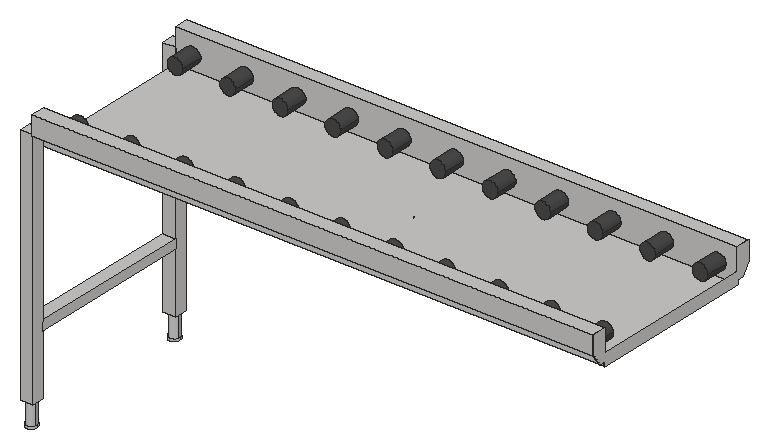
Revit family "QF_ELECTROLUXPROFESSIONAL_863005_HSSRC18", category Specialty Equipment, Revit 2018
Family settings
  Round Connector Dimension = Use Diameter
  Part Type = Normal
  Work Plane-Based = No
  Always vertical = Yes
  Cut with Voids When Loaded = No
  Shared = No
  Room Calculation Point = No
Parameters
  Weight = 0.00 kg
  Watts = 0 W
  Volts = 0 V
  URL Manufacturer = "http://professional.electrolux.com/"
  URL = "http://professional.electrolux.com/"
  Steam Supply Size = 0 mm
  Steam Supply Minimum Pressure = 0.0 Pa
  Steam Supply Maximum Pressure = 0.0 Pa
  Steam Pounds per Hour = 0
  Refrigeration Suction Line Size = 0 mm
  Refrigeration Liquid Line Size = 0 mm
  Refrigerant Compressor Remote = yes
  Manufacturer = "Electrolux"
  Phase = 0
  Model = "HSSRC18"
  Length Actual = 1800 mm  # constant formula
  Item Number = "863005"
  Hot Water Size = 0 mm
  Height Actual = 910 mm  # constant formula
  HP = "0 HP"
  Gas Size = 0 mm
  Gas KW = 0
  Gas Input Pressure = 0 W
  Description = "CONVEYOR, SHORT ROLLERS, L=1800 MM"
  Depth Actual = 620 mm  # constant formula
  Cycle = 0 Hz
  Condensate Return Size = 0 mm
  Compressed Air Volume = 0.0 L/s
  Compressed Air Size = 0 mm
  Compressed Air Pressure = 0.0 Pa
  Cold Water Size = 0 mm
  Accessory = yes
Reference planes
  plane 1 "Centro (Fronte/Retro)": y = 74.737
  plane 2: z = 0
  plane 3 "LEFT": x = -1038.761
  plane 4 "BACK": y = 384.737
  plane 5 "FRONT": y = -235.263
  plane 6: z = 910
  plane 7 "RIGHT": x = 761.239
  plane 8: x = -108.761
Forms (mm)
  Extrusion 1, solid, material "QF_Finishes_Stainless Steel"
    sketch origin (0, 74.737, 0) x (1, 0, 0) y (0, 0, 1)
      loop
        line (-1079.929, 300) -> (-1079.929, 270) -> (-1039.929, 270) -> (-1039.929, 300) -> (-1079.929, 300)
    from -266.504 to 266.46
  Extrusion 2, solid, material "QF_Finishes_Stainless Steel"
    sketch origin (11.239, 0, 0) x (0, 1, 0) y (0, 0, 1)
      loop
        line (-235.263, 910) -> (-235.263, 850.033) -> (-190.242, 850.033) -> (-190.242, 910) -> (-235.263, 910)
      loop
        line (384.737, 910) -> (339.716, 910) -> (339.716, 850.033) -> (384.737, 850.033) -> (384.737, 910)
    from -1050 to 748.8
  Extrusion 3, solid, material "QF_Finishes_Stainless Steel"
    sketch origin (11.239, 0, 0) x (0, 1, 0) y (0, 0, 1)
      loop
        line (-191.727, 850.033) -> (-191.727, 800.081) -> (341.245, 800.081) -> (341.245, 850.033) -> (339.716, 850.033) -> (339.716, 803.081) -> (-190.242, 803.081) -> (-190.242, 850.033) -> (-191.727, 850.033)
    from -1050 to 748.8
  Extrusion 4, solid, material "QF_Finishes_Stainless Steel"
    sketch origin (2261.239, 723.253, 4000) x (0, 1, 0) y (0, 0, 1)
      loop
        line (-958.516, -3090) -> (-958.516, -3149.967) -> (-934.752, -3185.632) -> (-915.4, -3185.632) -> (-915.4, -3199.919) -> (-381.633, -3199.919) -> (-381.633, -3185.632) -> (-362.281, -3185.632) -> (-338.516, -3149.967) -> (-338.516, -3090) -> (-383.538, -3090) -> (-383.538, -3161.926) -> (-913.495, -3161.926) -> (-913.495, -3090) -> (-958.516, -3090)
    from -1500 to -1501.2
  Revolve 5, solid, material "QF_Finishes_Stainless Steel"
    sketch origin (-141.073, 0, 0) x (0, 1, 0) y (0, 0, 1)
      loop
        line (74.737, 800.081) -> (12.53, 800.081) -> (12.319, 797.4) -> (12.319, 785.476) -> (17.293, 785.476) -> (17.293, 781.772)
        arc (17.293, 781.772) -> (20.266, 773.808) -> (27.77, 769.813) r 11.998
        line (27.77, 769.813) -> (74.737, 764.085) -> (74.737, 800.081)
      axis (74.737, 764.085) -> (74.737, 800.081)
    angle from 0 to 360
  Revolve 6, solid, material "QF_Finishes_Stainless Steel"
    sketch origin (-111.073, -1524, 744.096) x (0, 0, 1) y (0, -1, 0)
      loop
        line (13.017, -1619.713) -> (30, -1619.713) -> (30, -1598.737) -> (0, -1598.737) -> (0, -1619.713) -> (2.434, -1622.253) -> (10.477, -1622.253) -> (13.017, -1619.713)
      axis (0, -1598.737) -> (30, -1598.737)
    angle from 0 to 360
  Extrusion 7, solid, material "QF_Finishes_Black"
    sketch origin (0, 74.737, 0) x (1, 0, 0) y (0, 0, 1)
      loop
        circle (-980.637, 850.115) r 25
      loop
        circle (-812.25, 850.115) r 25
      loop
        circle (-643.862, 850.115) r 25
      loop
        circle (-475.474, 850.115) r 25
      loop
        circle (-307.087, 850.115) r 25
      loop
        circle (-138.699, 850.115) r 25
      loop
        circle (29.689, 850.115) r 25
      loop
        circle (366.464, 850.115) r 25
      loop
        circle (198.076, 850.115) r 25
      loop
        circle (703.239, 850.115) r 25
      loop
        circle (534.851, 850.115) r 25
    from 190.58 to 260.534
  Extrusion 8, solid, material "QF_Finishes_Black"
    sketch origin (0, 74.737, 0) x (1, 0, 0) y (0, 0, -1)
      loop
        circle (-980.637, -850.115) r 25
      loop
        circle (-812.25, -850.115) r 25
      loop
        circle (-643.862, -850.115) r 25
      loop
        circle (-475.474, -850.115) r 25
      loop
        circle (-307.087, -850.115) r 25
      loop
        circle (-138.699, -850.115) r 25
      loop
        circle (29.689, -850.115) r 25
      loop
        circle (366.464, -850.115) r 25
      loop
        circle (198.076, -850.115) r 25
      loop
        circle (703.239, -850.115) r 25
      loop
        circle (534.851, -850.115) r 25
    from 190.58 to 260.534
Cuts and joins
  joined: Extrusion 2, Extrusion 3
Lines and regions (mm)
  Split face 1
    outline origin (1705.739, 339.716, 803.081) x (-1, 0, 0) y (0, -1, 0)
      loop
        circle (1847, 264.904) r 3.016
  Split face 2
    outline origin (1705.739, 339.716, 803.081) x (-1, 0, 0) y (0, -1, 0)
      loop
        circle (1847, 264.904) r 52.991
  Split face 3
    outline origin (1705.739, 339.716, 803.081) x (-1, 0, 0) y (0, -1, 0)
      loop
        circle (1847, 264.904) r 36.015
  Split face 4
    outline origin (1705.739, 339.716, 803.081) x (-1, 0, 0) y (0, -1, 0)
      loop
        circle (1847, 264.904) r 26.027
  Split face 5
    outline origin (1705.739, 339.716, 803.081) x (-1, 0, 0) y (0, -1, 0)
      loop
        circle (1847, 264.904) r 9.056
  Masking region 1
    outline origin (0, 0, 0) x (1, 0, 0) y (0, 1, 0)
      loop
        line (-1038.761, 384.737) -> (-1038.761, -235.263) -> (761.239, -235.263) -> (761.239, 384.737) -> (-1038.761, 384.737)
  symbolic lines
    curve 1: line (761.239, 384.737, 0) -> (-1038.761, 384.737, 0)
    curve 2: line (-1038.761, 384.737, 0) -> (-1038.761, -235.263, 0)
    curve 3: line (-1038.761, 339.716, 0) -> (761.239, 339.716, 0)
    curve 4: line (-1038.761, -235.263, 0) -> (761.239, -235.263, 0)
    curve 5: line (761.239, -235.263, 0) -> (761.239, 384.737, 0)
    curve 6: line (761.239, -190.242, 0) -> (-1038.761, -190.242, 0)
    curve 7: line (761.239, 74.737, 0) -> (731.239, 74.737, 0)
    curve 8: line (-1038.761, 74.737, 0) -> (-1008.761, 74.737, 0)
    curve 9: arc (-141.185, 12.319, 0) -> (-203.604, 74.737, 0) -> (-141.185, 137.156, 0) r 62.418
    curve 10: arc (-141.185, 137.156, 0) -> (-78.767, 74.737, 0) -> (-141.185, 12.319, 0) r 62.418
    curve 11: arc (-111.185, 95.713, 0) -> (-132.162, 74.737, 0) -> (-111.185, 53.761, 0) r 20.976
    curve 12: arc (-111.185, 53.761, 0) -> (-90.209, 74.737, 0) -> (-111.185, 95.713, 0) r 20.976
    curve 13: line (-955.637, -115.842, 0) -> (-1005.637, -115.842, 0)
    curve 14: line (-1005.637, -115.842, 0) -> (-1005.637, -185.797, 0)
    curve 15: line (-1005.637, -185.797, 0) -> (-955.637, -185.797, 0)
    curve 16: line (-955.637, -185.797, 0) -> (-955.637, -115.842, 0)
    curve 17: line (559.851, -115.842, 0) -> (509.851, -115.842, 0)
    curve 18: line (509.851, -115.842, 0) -> (509.851, -185.797, 0)
    curve 19: line (509.851, -185.797, 0) -> (559.851, -185.797, 0)
    curve 20: line (559.851, -185.797, 0) -> (559.851, -115.842, 0)
    curve 21: line (-837.25, -115.842, 0) -> (-787.25, -115.842, 0)
    curve 22: line (-787.25, -115.842, 0) -> (-787.25, -185.797, 0)
    curve 23: line (-787.25, -185.797, 0) -> (-837.25, -185.797, 0)
    curve 24: line (-837.25, -185.797, 0) -> (-837.25, -115.842, 0)
    curve 25: line (-618.862, -115.842, 0) -> (-668.862, -115.842, 0)
    curve 26: line (-668.862, -115.842, 0) -> (-668.862, -185.797, 0)
    curve 27: line (-668.862, -185.797, 0) -> (-618.862, -185.797, 0)
    curve 28: line (-618.862, -185.797, 0) -> (-618.862, -115.842, 0)
    curve 29: line (-450.474, -115.842, 0) -> (-500.474, -115.842, 0)
    curve 30: line (-500.474, -115.842, 0) -> (-500.474, -185.797, 0)
    curve 31: line (-500.474, -185.797, 0) -> (-450.474, -185.797, 0)
    curve 32: line (-450.474, -185.797, 0) -> (-450.474, -115.842, 0)
    curve 33: line (-282.087, -115.842, 0) -> (-332.087, -115.842, 0)
    curve 34: line (-332.087, -115.842, 0) -> (-332.087, -185.797, 0)
    curve 35: line (-332.087, -185.797, 0) -> (-282.087, -185.797, 0)
    curve 36: line (-282.087, -185.797, 0) -> (-282.087, -115.842, 0)
    curve 37: line (-113.699, -115.842, 0) -> (-163.699, -115.842, 0)
    curve 38: line (-163.699, -115.842, 0) -> (-163.699, -185.797, 0)
    curve 39: line (-163.699, -185.797, 0) -> (-113.699, -185.797, 0)
    curve 40: line (-113.699, -185.797, 0) -> (-113.699, -115.842, 0)
    curve 41: line (54.689, -115.842, 0) -> (4.689, -115.842, 0)
    curve 42: line (4.689, -115.842, 0) -> (4.689, -185.797, 0)
    curve 43: line (4.689, -185.797, 0) -> (54.689, -185.797, 0)
    curve 44: line (54.689, -185.797, 0) -> (54.689, -115.842, 0)
    curve 45: line (223.076, -115.842, 0) -> (173.076, -115.842, 0)
    curve 46: line (173.076, -115.842, 0) -> (173.076, -185.797, 0)
    curve 47: line (173.076, -185.797, 0) -> (223.076, -185.797, 0)
    curve 48: line (223.076, -185.797, 0) -> (223.076, -115.842, 0)
    curve 49: line (391.464, -115.842, 0) -> (341.464, -115.842, 0)
    curve 50: line (341.464, -115.842, 0) -> (341.464, -185.797, 0)
    curve 51: line (341.464, -185.797, 0) -> (391.464, -185.797, 0)
    curve 52: line (391.464, -185.797, 0) -> (391.464, -115.842, 0)
    curve 53: line (728.239, -115.842, 0) -> (678.239, -115.842, 0)
    curve 54: line (678.239, -115.842, 0) -> (678.239, -185.797, 0)
    curve 55: line (678.239, -185.797, 0) -> (728.239, -185.797, 0)
    curve 56: line (728.239, -185.797, 0) -> (728.239, -115.842, 0)
    curve 57: line (-955.637, 265.317, 0) -> (-1005.637, 265.317, 0)
    curve 58: line (-1005.637, 265.317, 0) -> (-1005.637, 335.271, 0)
    curve 59: line (-1005.637, 335.271, 0) -> (-955.637, 335.271, 0)
    curve 60: line (-955.637, 335.271, 0) -> (-955.637, 265.317, 0)
    curve 61: line (559.851, 265.317, 0) -> (509.851, 265.317, 0)
    curve 62: line (509.851, 265.317, 0) -> (509.851, 335.271, 0)
    curve 63: line (509.851, 335.271, 0) -> (559.851, 335.271, 0)
    curve 64: line (559.851, 335.271, 0) -> (559.851, 265.317, 0)
    curve 65: line (-837.25, 265.317, 0) -> (-787.25, 265.317, 0)
    curve 66: line (-787.25, 265.317, 0) -> (-787.25, 335.271, 0)
    curve 67: line (-787.25, 335.271, 0) -> (-837.25, 335.271, 0)
    curve 68: line (-837.25, 335.271, 0) -> (-837.25, 265.317, 0)
    curve 69: line (-618.862, 265.317, 0) -> (-668.862, 265.317, 0)
    curve 70: line (-668.862, 265.317, 0) -> (-668.862, 335.271, 0)
    curve 71: line (-668.862, 335.271, 0) -> (-618.862, 335.271, 0)
    curve 72: line (-618.862, 335.271, 0) -> (-618.862, 265.317, 0)
    curve 73: line (-450.474, 265.317, 0) -> (-500.474, 265.317, 0)
    curve 74: line (-500.474, 265.317, 0) -> (-500.474, 335.271, 0)
    curve 75: line (-500.474, 335.271, 0) -> (-450.474, 335.271, 0)
    curve 76: line (-450.474, 335.271, 0) -> (-450.474, 265.317, 0)
    curve 77: line (-282.087, 265.317, 0) -> (-332.087, 265.317, 0)
    curve 78: line (-332.087, 265.317, 0) -> (-332.087, 335.271, 0)
    curve 79: line (-332.087, 335.271, 0) -> (-282.087, 335.271, 0)
    curve 80: line (-282.087, 335.271, 0) -> (-282.087, 265.317, 0)
    curve 81: line (-113.699, 265.317, 0) -> (-163.699, 265.317, 0)
    curve 82: line (-163.699, 265.317, 0) -> (-163.699, 335.271, 0)
    curve 83: line (-163.699, 335.271, 0) -> (-113.699, 335.271, 0)
    curve 84: line (-113.699, 335.271, 0) -> (-113.699, 265.317, 0)
    curve 85: line (54.689, 265.317, 0) -> (4.689, 265.317, 0)
    curve 86: line (4.689, 265.317, 0) -> (4.689, 335.271, 0)
    curve 87: line (4.689, 335.271, 0) -> (54.689, 335.271, 0)
    curve 88: line (54.689, 335.271, 0) -> (54.689, 265.317, 0)
    curve 89: line (223.076, 265.317, 0) -> (173.076, 265.317, 0)
    curve 90: line (173.076, 265.317, 0) -> (173.076, 335.271, 0)
    curve 91: line (173.076, 335.271, 0) -> (223.076, 335.271, 0)
    curve 92: line (223.076, 335.271, 0) -> (223.076, 265.317, 0)
    curve 93: line (391.464, 265.317, 0) -> (341.464, 265.317, 0)
    curve 94: line (341.464, 265.317, 0) -> (341.464, 335.271, 0)
    curve 95: line (341.464, 335.271, 0) -> (391.464, 335.271, 0)
    curve 96: line (391.464, 335.271, 0) -> (391.464, 265.317, 0)
    curve 97: line (728.239, 265.317, 0) -> (678.239, 265.317, 0)
    curve 98: line (678.239, 265.317, 0) -> (678.239, 335.271, 0)
    curve 99: line (678.239, 335.271, 0) -> (728.239, 335.271, 0)
    curve 100: line (728.239, 335.271, 0) -> (728.239, 265.317, 0)
Dimensions and locks
  plane 3 "LEFT" to plane 7 "RIGHT" = 1800 mm
  equal spacing: plane 4 "BACK", plane 1 "Centro (Fronte/Retro)", plane 5 "FRONT"
  plane 4 "BACK" to plane 5 "FRONT" = 620 mm
  locked: Extrusion 7 sketch curve to plane 3 "LEFT" at 58.124
  locked: plane 7 "RIGHT" to Extrusion 7 sketch curve at 58
  aligned and locked: level to plane 2
  aligned and locked: Extrusion 2 to Extrusion 3
Automatic sketch dimensions
  curve 9 to curve 10 = 0 mm  (x2)
  curve 11 to curve 12 = 0 mm  (x2)
  curve 1 to plane 3 "LEFT" = 0 mm
  plane 1 "Centro (Fronte/Retro)" to curve 8 = 0 mm
  plane 1 "Centro (Fronte/Retro)" to curve 9 = 0 mm
  plane 1 "Centro (Fronte/Retro)" to curve 12 = 0 mm
  plane 1 "Centro (Fronte/Retro)" to curve 7 = 0 mm
  curve 6 to plane 7 "RIGHT" = 0 mm
  curve 4 to plane 5 "FRONT" = 0 mm
  curve 2 to plane 4 "BACK" = 0 mm
  plane 3 "LEFT" to curve 59 = 33.124 mm
  plane 3 "LEFT" to curve 13 = 33.124 mm
  curve 57 to curve 60 = 50 mm
  curve 13 to curve 16 = 50 mm
  curve 68 to plane 4 "BACK" = 49.466 mm
  curve 59 to curve 68 = 118.388 mm
  curve 13 to curve 21 = 118.388 mm
  curve 21 to curve 21 = 50 mm
  curve 67 to curve 66 = 50 mm
  plane 5 "FRONT" to curve 26 = 49.466 mm
  curve 22 to curve 26 = 118.388 mm
  curve 71 to plane 4 "BACK" = 49.466 mm
  curve 66 to curve 71 = 118.388 mm
  curve 70 to curve 71 = 50 mm
  curve 25 to curve 25 = 50 mm
  curve 74 to plane 4 "BACK" = 49.466 mm
  curve 71 to curve 74 = 118.388 mm
  plane 5 "FRONT" to curve 31 = 49.466 mm
  curve 27 to curve 31 = 118.388 mm
  curve 30 to curve 31 = 50 mm
  curve 73 to curve 76 = 50 mm
  plane 5 "FRONT" to curve 35 = 49.466 mm
  curve 31 to curve 35 = 118.388 mm
  curve 78 to plane 4 "BACK" = 49.466 mm
  curve 75 to curve 78 = 118.388 mm
  curve 78 to curve 79 = 50 mm
  curve 34 to curve 36 = 50 mm
  curve 38 to plane 8 = 54.938 mm
  curve 81 to plane 8 = 54.938 mm
  curve 9 to plane 8 = 32.424 mm
  curve 40 to plane 8 = 4.938 mm
  curve 83 to plane 8 = 4.938 mm
  curve 12 to plane 8 = 2.424 mm
  plane 8 to curve 42 = 113.45 mm
  plane 8 to curve 86 = 113.45 mm
  curve 42 to curve 44 = 50 mm
  curve 85 to curve 85 = 50 mm
  curve 85 to curve 89 = 118.388 mm
  plane 5 "FRONT" to curve 46 = 49.466 mm
  curve 43 to curve 46 = 118.388 mm
  curve 89 to curve 89 = 50 mm
  curve 45 to curve 45 = 50 mm
  curve 45 to curve 49 = 118.388 mm
  curve 89 to curve 93 = 118.388 mm
  curve 49 to curve 49 = 50 mm
  curve 94 to curve 96 = 50 mm
  plane 5 "FRONT" to curve 19 = 49.466 mm
  curve 51 to curve 19 = 118.388 mm
  curve 93 to curve 62 = 118.388 mm
  curve 62 to curve 63 = 50 mm
  curve 17 to curve 17 = 50 mm
  curve 55 to plane 7 "RIGHT" = 83 mm
  curve 98 to plane 7 "RIGHT" = 83 mm
  curve 53 to plane 7 "RIGHT" = 33 mm
  curve 97 to plane 7 "RIGHT" = 33 mm
  plane 5 "FRONT" to curve 55 = 49.466 mm
  plane 5 "FRONT" to curve 43 = 49.466 mm
  plane 5 "FRONT" to curve 40 = 49.466 mm
  plane 5 "FRONT" to curve 52 = 49.466 mm
  plane 5 "FRONT" to curve 14 = 49.466 mm
  plane 5 "FRONT" to curve 24 = 49.466 mm
  curve 22 to curve 22 = 69.954 mm
  curve 27 to curve 25 = 69.954 mm
  curve 19 to curve 20 = 69.954 mm
  curve 50 to curve 50 = 69.954 mm
  curve 31 to curve 29 = 69.954 mm
  curve 15 to curve 16 = 69.954 mm
  curve 35 to curve 33 = 69.954 mm
  curve 46 to curve 45 = 69.954 mm
  curve 39 to curve 37 = 69.954 mm
  curve 43 to curve 41 = 69.954 mm
  curve 55 to curve 53 = 69.954 mm
  curve 100 to plane 4 "BACK" = 119.42 mm
  curve 96 to plane 4 "BACK" = 119.42 mm
  curve 57 to plane 4 "BACK" = 119.42 mm
  curve 92 to curve 93 = 0 mm
  curve 61 to curve 97 = 0 mm
  curve 88 to curve 89 = 0 mm
  curve 65 to curve 67 = 69.954 mm
  curve 84 to curve 85 = 0 mm
  curve 69 to curve 71 = 69.954 mm
  curve 80 to curve 79 = 69.954 mm
  curve 73 to curve 75 = 69.954 mm
  curve 82 to plane 4 "BACK" = 49.466 mm
  curve 64 to plane 4 "BACK" = 49.466 mm
  curve 86 to plane 4 "BACK" = 49.466 mm
  curve 60 to plane 4 "BACK" = 49.466 mm
  curve 90 to plane 4 "BACK" = 49.466 mm
  curve 100 to plane 4 "BACK" = 49.466 mm
  curve 94 to plane 4 "BACK" = 49.466 mm
  curve 8 to curve 8 = 30 mm
  curve 7 to plane 7 "RIGHT" = 30 mm
  curve 6 to curve 55 = 4.445 mm
  curve 9 to curve 9 = 62.418 mm
  curve 11 to curve 11 = 20.976 mm
  curve 58 to curve 3 = 4.445 mm
  Extrusion 1 sketch curve to plane 3 "LEFT" = 41.168 mm
  Extrusion 1 sketch curve to plane 3 "LEFT" = 1.168 mm
  level to Extrusion 1 sketch curve = 270 mm
  Extrusion 1 sketch curve to Extrusion 1 sketch curve = 30 mm
  Extrusion 2 sketch curve to plane 5 "FRONT" = 0 mm
  Extrusion 2 sketch curve to plane 6 = 0 mm  (x2)
  Extrusion 2 sketch curve to plane 4 "BACK" = 0 mm
  plane 5 "FRONT" to Extrusion 2 sketch curve = 45.021 mm
  Extrusion 2 sketch curve to plane 4 "BACK" = 45.021 mm
  Extrusion 2 sketch curve to Extrusion 2 sketch curve = 59.967 mm  (x2)
  plane 5 "FRONT" to Extrusion 3 sketch curve = 43.536 mm
  Extrusion 3 sketch curve to Extrusion 3 sketch curve = 1.486 mm
  Extrusion 3 sketch curve to plane 4 "BACK" = 45.021 mm
  Extrusion 3 sketch curve to Extrusion 3 sketch curve = 1.529 mm
  Extrusion 3 sketch curve to plane 6 = 109.919 mm
  Extrusion 3 sketch curve to Extrusion 3 sketch curve = 3 mm
  Extrusion 3 sketch curve to Extrusion 3 sketch curve = 46.952 mm  (x2)
  cut or joined group of Extrusion 2, Extrusion 3 to Split face 1 sketch curve = 264.904 mm
  Split face 1 sketch curve to cut or joined group of Extrusion 2, Extrusion 3 = 897.5 mm
  cut or joined group of Extrusion 2, Extrusion 3 to Split face 2 sketch curve = 264.904 mm
  Split face 2 sketch curve to cut or joined group of Extrusion 2, Extrusion 3 = 897.5 mm
  cut or joined group of Extrusion 2, Extrusion 3 to Split face 3 sketch curve = 264.904 mm
  Split face 3 sketch curve to cut or joined group of Extrusion 2, Extrusion 3 = 897.5 mm
  cut or joined group of Extrusion 2, Extrusion 3 to Split face 4 sketch curve = 264.904 mm
  Split face 4 sketch curve to cut or joined group of Extrusion 2, Extrusion 3 = 897.5 mm
  cut or joined group of Extrusion 2, Extrusion 3 to Split face 5 sketch curve = 264.904 mm
  Split face 5 sketch curve to cut or joined group of Extrusion 2, Extrusion 3 = 897.5 mm
  Masking region 1 sketch curve to plane 3 "LEFT" = 0 mm
  Masking region 1 sketch curve to plane 5 "FRONT" = 0 mm
  Masking region 1 sketch curve to plane 7 "RIGHT" = 0 mm
  Masking region 1 sketch curve to plane 4 "BACK" = 0 mm
  Extrusion 4 sketch curve to plane 5 "FRONT" = 0 mm
  Extrusion 4 sketch curve to plane 6 = 0 mm  (x2)
  Extrusion 4 sketch curve to plane 4 "BACK" = 0 mm
  plane 5 "FRONT" to Extrusion 4 sketch curve = 23.764 mm
  Extrusion 4 sketch curve to Extrusion 4 sketch curve = 19.352 mm  (x2)
  plane 5 "FRONT" to Extrusion 4 sketch curve = 45.021 mm
  Extrusion 4 sketch curve to plane 4 "BACK" = 45.021 mm
  Extrusion 4 sketch curve to Extrusion 4 sketch curve = 1.905 mm
  Extrusion 4 sketch curve to Extrusion 4 sketch curve = 59.967 mm  (x2)
  Extrusion 4 sketch curve to Extrusion 4 sketch curve = 11.959 mm
  Extrusion 4 sketch curve to Extrusion 4 sketch curve = 23.706 mm  (x2)
  Extrusion 4 sketch curve to Extrusion 4 sketch curve = 14.287 mm
  Revolve 5 sketch curve to plane 1 "Centro (Fronte/Retro)" = 0 mm  (x2)
  plane 1 "Centro (Fronte/Retro)" to Revolve 5 sketch curve = 45.447 mm
  Revolve 5 sketch curve to Revolve 5 sketch curve = 1.52 mm
  Revolve 5 sketch curve to Revolve 5 sketch curve = 11.998 mm
  Revolve 5 sketch curve to Revolve 5 sketch curve = 4.762 mm
  Revolve 5 sketch curve to Revolve 5 sketch curve = 4.974 mm
  Revolve 5 sketch curve to plane 6 = 145.915 mm
  Revolve 5 sketch curve to Revolve 5 sketch curve = 5.727 mm
  Revolve 5 sketch curve to Revolve 5 sketch curve = 11.901 mm
  Revolve 5 sketch curve to Revolve 5 sketch curve = 3.704 mm
  Revolve 5 sketch curve to Revolve 5 sketch curve = 11.924 mm
  Revolve 5 sketch curve to Revolve 5 sketch curve = 2.681 mm
  Revolve 5 sketch curve to Revolve 5 sketch curve = 3 mm
  Revolve 5 sketch curve to Revolve 5 sketch curve = 14.991 mm
  Revolve 6 sketch curve to plane 1 "Centro (Fronte/Retro)" = 0 mm  (x2)
  Revolve 6 sketch curve to plane 1 "Centro (Fronte/Retro)" = 20.976 mm
  Revolve 6 sketch curve to plane 6 = 165.904 mm
  Revolve 6 sketch curve to plane 1 "Centro (Fronte/Retro)" = 23.516 mm
  Revolve 6 sketch curve to Revolve 6 sketch curve = 2.434 mm
  Revolve 6 sketch curve to Revolve 6 sketch curve = 8.043 mm
  Revolve 6 sketch curve to Revolve 6 sketch curve = 2.54 mm  (x2)
  Revolve 6 sketch curve to Revolve 6 sketch curve = 16.983 mm
  Revolve 6 sketch curve to Revolve 6 sketch curve = 3.127 mm
  Revolve 6 sketch curve to Revolve 6 sketch curve = 7.343 mm
  Extrusion 7 sketch curve to plane 6 = 59.885 mm  (x11)
  Extrusion 7 sketch curve to Extrusion 7 sketch curve = 168.388 mm  (x7)
  Extrusion 7 sketch curve to plane 8 = 29.938 mm
  plane 8 to Extrusion 7 sketch curve = 138.45 mm
  plane 3 "LEFT" to Extrusion 8 sketch curve = 58.124 mm
  Extrusion 8 sketch curve to plane 6 = 59.885 mm  (x11)
  Extrusion 8 sketch curve to Extrusion 8 sketch curve = 168.388 mm  (x7)
  Extrusion 8 sketch curve to plane 8 = 29.938 mm
  plane 8 to Extrusion 8 sketch curve = 138.45 mm
  Extrusion 8 sketch curve to plane 7 "RIGHT" = 58 mm
  radius of Split face 1 sketch curve = 3.016 mm
  radius of Split face 2 sketch curve = 52.991 mm
  radius of Split face 3 sketch curve = 36.015 mm
  radius of Split face 4 sketch curve = 26.027 mm
  radius of Split face 5 sketch curve = 9.056 mm
  radius of Extrusion 7 sketch curve = 25 mm  (x11)
  radius of Extrusion 8 sketch curve = 25 mm  (x11)
Nested families
  nested 1: "Foot_40x40" at (-1059.929, -211.771, 0), type "Foot_40x40"
    with A 850.033 mm
  nested 2: "Foot_40x40" at (-1059.929, 361.245, 0), type "Foot_40x40"
    with A 850.033 mm
Connectors
  piping at (-111.073, 74.737, 744.096), diameter 30
    settings: on Revolve 6, index 5, connector inside diameter 609.6 mm, connector length 0 mm, flow factor 0, pipe flow 0.0 L/s, pressure drop 0.0 Pa, fitting loss kfactor 0, connector angle 0.00°, fixture units 0, engagement length 0 mm, angle of deflection 0.00°, flow configuration 1, flow direction 2, fitting loss method 0, system type 16, joint type 0, gender type 0, connector reference index -1, connector utility 0, adjustable connector no, is connector primary yes, connector description ""
Definition of nested family "Foot_40x40"
  Parameters
    A [instance] = 850 mm
  Reference planes
    plane 1 "Centro (Fronte/Retro)": y = 0
    plane 2: z = 0
    plane 3 "Centro (Sinistra/Destra)": x = 0
    plane 4: z = 850
  Forms (mm)
    Extrusion 1, solid
      sketch origin (0, 0, 0) x (1, 0, 0) y (0, 1, 0)
        loop
          circle (0, 0) r 18
      from 0 to 5
    Extrusion 2, solid
      sketch origin (0, 0, 5) x (1, 0, 0) y (0, 1, 0)
        loop
          circle (0, 0) r 15
      from 0 to 70
    Extrusion 3, solid
      sketch origin (0, 0, 75) x (1, 0, 0) y (0, 1, 0)
        loop
          line (-20, 20) -> (-20, -20) -> (20, -20) -> (20, 20) -> (-20, 20)
      from 0 to 775
  Dimensions and locks
    "A": plane 4 to plane 2
    aligned and locked: level to plane 2
    aligned and locked: plane 4 to Extrusion 3
    aligned and locked: Extrusion 1 to level
  Automatic sketch dimensions
    plane 1 "Centro (Fronte/Retro)" to Extrusion 1 sketch curve = 0 mm
    Extrusion 1 sketch curve to plane 3 "Centro (Sinistra/Destra)" = 0 mm
    Extrusion 3 sketch curve to Extrusion 3 sketch curve = 40 mm  (x2)
    radius of Extrusion 1 sketch curve = 18 mm
    radius of Extrusion 2 sketch curve to Extrusion 1 = 3 mm
